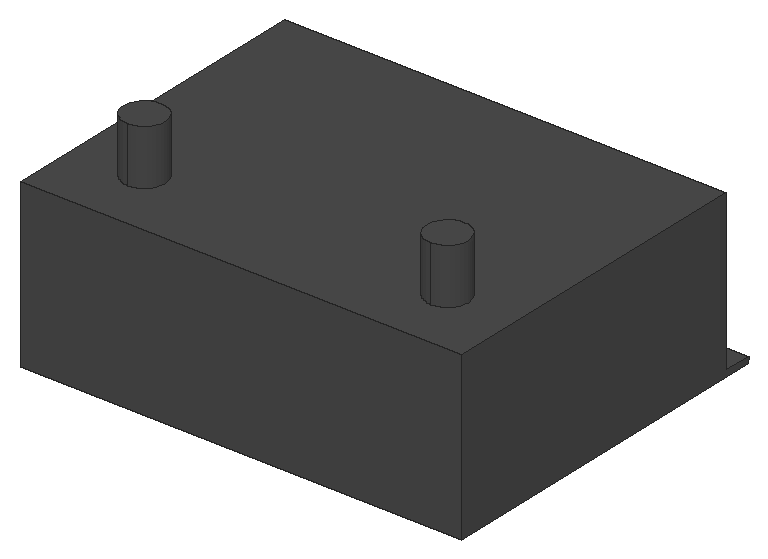
Revit family "BirdControl_Charger_BirdBGone_Direct", category Specialty Equipment, Revit 2016
Family settings
  Part Type = Normal
  Round Connector Dimension = Use Diameter
  OmniClass Number = 23.40.10.14.14.99
  OmniClass Title = Other Manufactured Exterior Specialties
  Work Plane-Based = Yes
  Always vertical = No
  Cut with Voids When Loaded = No
  Shared = No
  Room Calculation Point = No
Parameters (values of type "AC750")
  offset [instance] = 0' - 0"
  Warranty Duration (Years) = 0
  Unit Width = 0' - 8"
  Unit Height = 0' - 6"
  Unit Depth = 0' - 3"
  URL = "http://www.birdbgone.com/"
  Test Data = "http://www.birdbgone.com/bird-control-product-msds"
  Specification = "http://www.arcat.com/sdspecs/htm/10290bir.htm"
  SpecWizard = ""
  Send Message = "http://www.arcat.com/users.pl?action=UserEmail&company=Bird-B-Gone,%20Inc.&coid=38371&rep=147&fax=949-472-3116&mf="
  Sales Information = "http://www.birdbgone.com/bird-control-store/"
  Revision = "R1_10-2010"
  Product Properties = "http://www.arcat.com/bim/bim_info.pl?fn=BirdBGone"
  Product Data = "http://www.arcat.com/arcatcos/cos38/arc38371.html"
  Model = "As Specified in 10 81 19"
  Material [instance] = Metal - Bird B Gone - Black
  Manufacturer Website = "http://www.birdbgone.com/"
  Manufacturer Phone - Toll Free = "800-392-6915"
  Manufacturer Phone = "949-472-3122"
  Manufacturer Fax = "949-472-3116"
  Manufacturer Address = "23918 Skyline, Mission Viejo, CA 92692"
  Manufacturer = "Bird-B-Gone, Inc."
  Maintenance Schedule (Months) = 0
  Keynote = "10 81 19"
  Installation-Fabrication = "http://www.birdbgone.com/installation-instructions"
  Installation Phase = ""
  Green Building-LEED = "http://www.arcat.com/green/clients/leed_data_38371.html"
  Expected Lifespan (Years) = 0
  Drawn By = "Robert S. Weygant, CSI, CDT, SCIP"
  Description = "Bird Control Equipment as Specified in 10 81 19"
  Default Elevation = 4' - 0"
  Copyright = "wt"
  Construction Details = "http://www.arcat.com/details/birdbgon/birdbgon.html?coid=38371"
  Building Codes = "http://www.birdbgone.com/knowledge-center/"
  Assembly Code = "E1090900"
Reference planes (in)
  plane 1 "Center (Front/Back)": y = 0
  plane 2 "Bottom": z = 0
  plane 3 "Center (Left/Right)": x = 0
  plane 4 "Top": z = 3
  plane 5: x = -4
  plane 6: x = 4
  plane 7: y = 3
  plane 8: y = -3
Forms (in)
  Extrusion 1, solid, material "Metal - Bird B Gone - Black" <- "Material", detail levels medium+fine
    sketch origin (0, 0, 0) x (0, 1, 0) y (0, 0, 1)
      loop
        line (3, 0.125) -> (3, 3) -> (-3, 3) -> (-3, 0) -> (3.5, 0) -> (3.5, 0.125) -> (3, 0.125)
    from -4 to 4
  Extrusion 2, solid, material "Metal - Bird B Gone - Black" <- "Material", detail levels medium+fine
    sketch origin (-1.25, 1.25, 3) x (0, -1, 0) y (1, 0, 0)
      loop
        circle (3, 4) r 0.375
    from 0 to 1
  Extrusion 3, solid, material "Metal - Bird B Gone - Black" <- "Material", detail levels medium+fine
    sketch origin (1.25, 1.25, 3) x (0, -1, 0) y (1, 0, 0)
      loop
        circle (3, -4) r 0.375
    from 0 to 1
  Extrusion 4, solid, material "Metal - Bird B Gone - Black" <- "Material", detail levels medium+fine
    sketch origin (0.84233, 3, 0.62228) x (0, 0, 1) y (1, 0, 0)
      loop
        circle (0.00272, -4) r 0.25
    from 0 to 0.5
  Extrusion 5, solid, material "Metal - Bird B Gone - Black" <- "Material", detail levels medium+fine
    sketch origin (1.59233, 3, 0.62228) x (0, 0, 1) y (1, 0, 0)
      loop
        circle (0.00272, -4) r 0.25
    from 0 to 0.5
Cuts and joins
  joined: Extrusion 1, Extrusion 2, Extrusion 3, Extrusion 4, Extrusion 5
Lines and regions (in)
  model lines, style "Bird Control", detail levels fine
    curve 1: circle (0, -1.75, 3) r 0.25 normal (0, 0, 1)
Dimensions and locks (in)
  "Unit Depth": plane 4 "Top" to level
  equal spacing: plane 5, plane 3 "Center (Left/Right)", plane 6
  "Unit Width": plane 5 to plane 6
  equal spacing: plane 7, plane 1 "Center (Front/Back)", plane 8
  "Unit Height": plane 7 to plane 8
  aligned and locked: Extrusion 1 to plane 5
  aligned and locked: Extrusion 1 to plane 6
Automatic sketch dimensions
  Extrusion 1 sketch curve to level = 0' - 0"
  Extrusion 1 sketch curve to plane 8 = 0' - 0"
  Extrusion 1 sketch curve to plane 4 "Top" = 0' - 0"
  Extrusion 1 sketch curve to plane 7 = 0' - 0"
  level to Extrusion 1 sketch curve = 0' - 0 1/8"
  Extrusion 1 sketch curve to Extrusion 1 sketch curve = 0' - 0 1/2"
  Extrusion 2 sketch curve to Extrusion 1 = 0' - 1 1/4"
  Extrusion 1 to Extrusion 2 sketch curve = 0' - 1 1/4"
  Extrusion 3 sketch curve to Extrusion 1 = 0' - 1 1/4"
  Extrusion 1 to Extrusion 3 sketch curve = 0' - 1 1/4"
  curve 1 to Extrusion 1 = 0' - 1 1/4"
  Extrusion 1 to curve 1 = 0' - 4"
  Extrusion 1 to Extrusion 4 sketch curve = 0' - 0 1/2"
  Extrusion 1 to Extrusion 4 sketch curve = 0' - 0.84233"
  Extrusion 1 to Extrusion 5 sketch curve = 0' - 0 1/2"
  Extrusion 1 to Extrusion 5 sketch curve = 0' - 1.59233"
  radius of Extrusion 2 sketch curve = 0' - 0 3/8"
  radius of Extrusion 3 sketch curve = 0' - 0 3/8"
  radius of curve 1 = 0' - 0 1/4"
  radius of Extrusion 4 sketch curve = 0' - 0 1/4"
  radius of Extrusion 5 sketch curve = 0' - 0 1/4"
